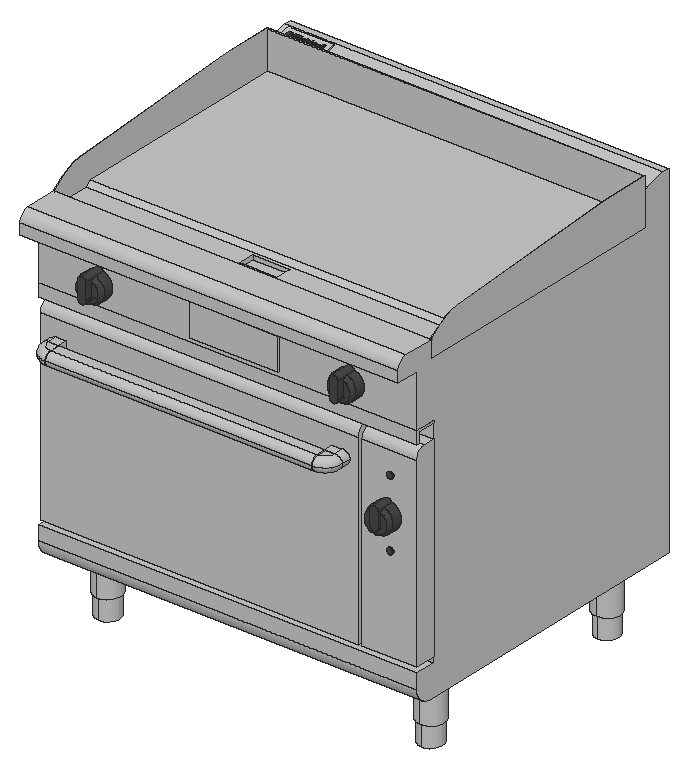
Revit family "QF_MOFFAT WALDORF_GPL8910EC", category Specialty Equipment, Revit 2012
Parameters
  Weight in Pounds = 337.3069  # constant formula
  Width [instance] = 900.00 mm  # constant formula
  Watts = 18600 W
  Volts = 415 V
  URL Cutsheet = "www.moffat.com"
  URL = "www.moffat.com"
  Type Mark [instance] = ""
  Status [instance] = ""
  Specification by User [instance] = ""
  Specification by Manufacturer = ""
  Show Logo [instance] = yes
  Show Clearance [instance] = yes
  Show Casters [instance] = no
  Serial Number = ""
  Seismic Rating = ""
  SMACNA No = ""
  Revision Code [instance] = ""
  Phase = 3
  Omniclass Number and Title = ""
  Number of Poles = 1
  NAFEM Spec ID Number = ""
  Model = "GPL8910EC"
  Min Ckt Ampacity = 0 A
  Max Overcurrent Protection = 0 A
  Masterspec = ""
  Manufacturer = "MOFFAT WALDORF"
  Legs [instance] = not(Show Casters)  # yes
  Item Number [instance] = ""
  Installed By [instance] = ""
  Identify Quantity as Lot [instance] = yes
  Height = 970.00 mm  # constant formula
  HP = ""
  Furnished By [instance] = ""
  Foodservice Equipment Identifier [instance] = yes
  FL Amps = 26.3 A
  Elec Conn RI Height = 0.00 mm
  Elec Conn Connection Height = 0.00 mm
  Description = "GRIDDLE PLATE RANGE LOW SPLASHBACK ELECTRIC CONVECTION OVEN"
  Depth [instance] = 805.00 mm  # constant formula
  Cycle = 50 Hz
  Conn Plug = ""
  Conn Conduit = yes
  CSI MasterFormat = ""
  CSI Master Format = ""
  Body Finish [instance] = QF_Finishes_Stainless Steel
  Back Splash [instance] = 215.00 mm  # constant formula
  Apparent Power = if(Phase = 3, Volts * FL Amps * 1.73, Volts * FL Amps)  # 18882.1 VA
Reference planes
  plane 1 "BACK": y = 0
  plane 2: z = 0
  plane 3 "LEFT": x = 0
  plane 4 "RIGHT": x = 900
  plane 5 "FRONT": y = -805
  plane 6 "TOP": z = 970
  plane 7 "Center Y": x = 450
  plane 8 "Center X": y = -402.5
  plane 9 "Base Height": z = 150
  plane 10: z = 915
  plane 11: x = 65
  plane 12: x = 834
  plane 13: y = -625
  plane 14: x = 770
  plane 15: y = -100
  plane 16: x = 820
  plane 17: y = -467
Forms (mm)
  Extrusion 1, solid, material "QF_Finishes_Stainless Steel" <- "Body Finish"
    sketch origin (0, 0, 0) x (0, 1, 0) y (0, 0, 1)
      loop
        line (-805, 891) -> (-805, 866) -> (-749, 866) -> (-749, 740) -> (-699, 740) -> (-699, 222.5) -> (-749, 222.5) -> (-749, 188)
        arc (-749, 188) -> (-737.87, 161.13) -> (-711, 150) r 38
        line (-711, 150) -> (0, 150) -> (0, 970) -> (-16.5, 970) -> (-61.106, 958.048)
        arc (-61.106, 958.048) -> (-67.52, 953.762) -> (-70, 946.457) r 12
        line (-70, 946.457) -> (-70, 875) -> (-705, 875) -> (-705, 915) -> (-781, 915)
        arc (-781, 915) -> (-797.971, 907.971) -> (-805, 891) r 24
      loop
        line (-749, 739) -> (-749, 709) -> (-744, 709) -> (-744, 734) -> (-700, 734) -> (-700, 739) -> (-749, 739)
    from 0 to 900
  Revolve 2, solid, material "QF_Finishes_Stainless Steel", visible <- "Legs"
    sketch origin (834, -210, 0) x (0, 1, 0) y (0, 0, -1)
      loop
        line (78.25, -150) -> (110, -150) -> (110, 0) -> (82.5, 0) -> (82.5, -50) -> (78.25, -50) -> (78.25, -150)
      axis (110, -150) -> (110, 0)
    angle from 0 to 360
  Revolve 3, solid, material "QF_Finishes_Stainless Steel"
    sketch origin (834, -735, 0) x (0, 1, 0) y (0, 0, -1)
      loop
        line (78.25, -150) -> (110, -150) -> (110, 0) -> (82.5, 0) -> (82.5, -50) -> (78.25, -50) -> (78.25, -150)
      axis (110, -150) -> (110, 0)
    angle from 0 to 360
  Revolve 4, solid, material "QF_Finishes_Stainless Steel", visible <- "Legs"
    sketch origin (65, -210, 0) x (0, 1, 0) y (0, 0, -1)
      loop
        line (78.25, -150) -> (110, -150) -> (110, 0) -> (82.5, 0) -> (82.5, -50) -> (78.25, -50) -> (78.25, -150)
      axis (110, -150) -> (110, 0)
    angle from 0 to 360
  Revolve 5, solid, material "QF_Finishes_Stainless Steel"
    sketch origin (65, -735, 0) x (0, 1, 0) y (0, 0, -1)
      loop
        line (78.25, -150) -> (110, -150) -> (110, 0) -> (82.5, 0) -> (82.5, -50) -> (78.25, -50) -> (78.25, -150)
      axis (110, -150) -> (110, 0)
    angle from 0 to 360
  Revolve 6, solid, material "QF_Finishes_Black"
    sketch origin (149.998, 0, 596.572) x (0, 1, 0) y (0, 0, -1)
      loop
        line (-782, -229.5) -> (-759, -229.5) -> (-759, -202) -> (-749, -202) -> (-749, -197) -> (-793, -197) -> (-793, -223.651) -> (-782, -229.5)
      axis (-793, -197) -> (-749, -197)
    angle from 0 to 360
  Extrusion 7, solid, material "QF_Finishes_Black"
    sketch origin (0, -749, 866) x (0, 0, -1) y (1, 0, 0)
      loop
        arc (84.301, 139.999) -> (94.301, 149.999) -> (84.301, 159.999) r 10
        line (84.301, 159.999) -> (45.301, 159.999)
        arc (45.301, 159.999) -> (35.301, 149.999) -> (45.301, 139.999) r 10
        line (45.301, 139.999) -> (84.301, 139.999)
    from 10 to 59
  Extrusion 8, solid, material "QF_Finishes_Stainless Steel"
    sketch origin (-278.213, -749, 861) x (0, 0, -1) y (1, 0, 0)
      loop
        line (24, 640) -> (111, 640) -> (111, 850) -> (24, 850) -> (24, 640)
    from 0 to 2.5
  Extrusion 9, solid, material "QF_Finishes_Stainless Steel"
    sketch origin (-278.213, -751.5, 861) x (0, 0, -1) y (1, 0, 0)
      loop
        line (31, 850) -> (24, 850) -> (24, 640) -> (31, 640) -> (31, 850)
    from 0 to 5
  Revolve 10, solid, material "QF_Finishes_Black"
    sketch origin (748.75, 0, 596.263) x (0, 1, 0) y (0, 0, 1)
      loop
        line (-782, 229.5) -> (-793, 223.651) -> (-793, 197) -> (-749, 197) -> (-749, 202) -> (-759, 202) -> (-759, 229.5) -> (-782, 229.5)
      axis (-793, 197) -> (-749, 197)
    angle from 0 to 360
  Extrusion 11, solid, material "QF_Finishes_Black"
    sketch origin (0, -749, 866) x (0, 0, -1) y (1, 0, 0)
      loop
        line (84.611, 758.749) -> (45.611, 758.749)
        arc (45.611, 758.749) -> (35.611, 748.749) -> (45.611, 738.749) r 10
        line (45.611, 738.749) -> (84.611, 738.749)
        arc (84.611, 738.749) -> (94.611, 748.749) -> (84.611, 758.749) r 10
    from 10 to 59
  Extrusion 12, solid, material "QF_Finishes_Black"
    sketch origin (16.25, -749, 866) x (0, 0, -1) y (1, 0, 0)
      loop
        circle (404.5, 821.25) r 7.25
      loop
        circle (242.9, 821.25) r 7.25
    from 0 to 2
  Extrusion 13, solid, material "QF_Finishes_Stainless Steel"
    sketch origin (0, 0, 0) x (0, 1, 0) y (0, 0, 1)
      loop
        arc (-725, 700) -> (-741.971, 692.971) -> (-749, 676) r 24
        line (-749, 676) -> (-749, 235) -> (-699, 235) -> (-699, 700) -> (-725, 700)
    from 4 to 761
  Extrusion 14, solid, material "QF_Finishes_Stainless Steel"
    sketch origin (0, -749, 235) x (0, 0, 1) y (-1, 0, 0)
      loop
        line (371.25, -65) -> (403.25, -65) -> (403.25, -41)
        arc (403.25, -41) -> (398.564, -29.686) -> (387.25, -25) r 16
        arc (387.25, -25) -> (375.936, -29.686) -> (371.25, -41) r 16
        line (371.25, -41) -> (371.25, -65)
      loop
        line (371.25, -700) -> (371.25, -724)
        arc (371.25, -724) -> (375.936, -735.314) -> (387.25, -740) r 16
        arc (387.25, -740) -> (398.564, -735.314) -> (403.25, -724) r 16
        line (403.25, -724) -> (403.25, -700) -> (371.25, -700)
    from 0 to 22.806
  Revolve 15, solid, material "QF_Finishes_Stainless Steel"
    sketch origin (0, -771.806, 235) x (0, 0, 1) y (1, 0, 0)
      loop
        line (403.25, 65) -> (371.25, 65) -> (371.25, 41)
        arc (371.25, 41) -> (375.936, 29.686) -> (387.25, 25) r 16
        arc (387.25, 25) -> (398.564, 29.686) -> (403.25, 41) r 16
        line (403.25, 41) -> (403.25, 65)
      axis (403.25, 65.031) -> (371.25, 65.031)
    angle from 90 to 0
  Extrusion 16, solid, material "QF_Finishes_Stainless Steel"
    sketch origin (65.031, -771.806, 638.25) x (0, 0, 1) y (0, -1, 0)
      loop
        arc (0, 24.031) -> (-4.686, 35.345) -> (-16, 40.031) r 16
        arc (-16, 40.031) -> (-27.314, 35.345) -> (-32, 24.031) r 16
        line (-32, 24.031) -> (-32, 0.031) -> (0, 0.031) -> (0, 24.031)
    from 0 to 634.951
  Revolve 17, solid, material "QF_Finishes_Stainless Steel"
    sketch origin (765.013, -771.806, 235) x (0, 0, 1) y (1, 0, 0)
      loop
        line (403.25, -65) -> (403.25, -41)
        arc (403.25, -41) -> (398.564, -29.686) -> (387.25, -25) r 16
        arc (387.25, -25) -> (375.936, -29.686) -> (371.25, -41) r 16
        line (371.25, -41) -> (371.25, -65) -> (403.25, -65)
      axis (403.25, -65.031) -> (371.25, -65.031)
    angle from 90 to 0
  Extrusion 18, solid, material "QF_Finishes_Black"
    sketch origin (900, -749, 345.838) x (0, 0, -1) y (1, 0, 0)
      loop
        line (-188.5, -52.5) -> (-223.5, -52.5)
        arc (-223.5, -52.5) -> (-233.5, -62.5) -> (-223.5, -72.5) r 10
        line (-223.5, -72.5) -> (-188.5, -72.5)
        arc (-188.5, -72.5) -> (-178.5, -62.5) -> (-188.5, -52.5) r 10
    from 9.93 to 49
  Revolve 19, solid, material "QF_Finishes_Black"
    sketch origin (837.432, -1519.726, 545.603) x (0, 0, 1) y (0, -1, 0)
      loop
        line (29.197, -737.726) -> (23.348, -726.726) -> (-3.303, -726.726) -> (-3.303, -770.726) -> (1.697, -770.726) -> (1.697, -760.726) -> (29.197, -760.726) -> (29.197, -737.726)
      axis (-3.303, -726.726) -> (-3.303, -770.726)
    angle from 0 to 360
  Extrusion 20, solid, material "QF_Door-Drawer Clearances", visible <- "Show Clearance", detail levels coarse
    sketch origin (0, -0.028, -0.007) x (0, 1, 0) y (0, 0, 1)
      loop
        line (-749, 235) -> (-749, 697.66)
        arc (-749, 697.66) -> (-1076.15, 562.15) -> (-1211.66, 235) r 462.66
        line (-1211.66, 235) -> (-749, 235)
    from 4 to 761
  Extrusion 21, solid, material "QF_Finishes_Stainless Steel"
    sketch origin (255.887, -887.361, 150) x (1, 0, 0) y (0, -1, 0)
      loop
        circle (564.113, -420.424) r 10
    from 0 to 2
  Extrusion 22, solid, material "QF_Finishes_Stainless Steel"
    sketch origin (900, 0, 0) x (0, -1, 0) y (0, 0, 1)
      loop
        line (725, 700) -> (699, 700) -> (699, 235) -> (749, 235) -> (749, 676)
        arc (749, 676) -> (741.971, 692.971) -> (725, 700) r 24
    from 0 to 130
Cuts and joins
  joined: Extrusion 8, Extrusion 9
Lines and regions (mm)
  Split face 1
    outline origin (0, -16.5, 970) x (0, -0.965926, -0.258819) y (1, 0, 0)
      loop
        line (4.804, 163.962) -> (36.187, 163.962) -> (36.187, 181.741) -> (4.804, 181.741) -> (4.804, 163.962)
  Split face 2
    outline origin (0, -16.5, 970) x (0, -0.965926, -0.258819) y (1, 0, 0)
      loop
        line (4.831, 217.712) -> (36.187, 217.712) -> (36.187, 235.491) -> (4.831, 235.491) -> (4.831, 217.712)
  Split face 3
    outline origin (0, -16.5, 970) x (0, -0.965926, -0.258819) y (1, 0, 0)
      loop
        line (4.831, 271.462) -> (36.187, 271.462) -> (36.187, 289.241) -> (4.831, 289.241) -> (4.831, 271.462)
  Split face 4
    outline origin (58.8, -16.5, 970) x (0, -0.965926, -0.258819) y (1, 0, 0)
      loop
        line (4.831, 271.462) -> (36.187, 271.462) -> (36.187, 289.241) -> (4.831, 289.241) -> (4.831, 271.462)
  Split face 5
    outline origin (112.509, -16.5, 970) x (0, -0.965926, -0.258819) y (1, 0, 0)
      loop
        line (4.831, 271.462) -> (36.187, 271.462) -> (36.187, 289.241) -> (4.831, 289.241) -> (4.831, 271.462)
  Split face 6
    outline origin (166.29, -16.5, 970) x (0, -0.965926, -0.258819) y (1, 0, 0)
      loop
        line (4.831, 271.462) -> (36.187, 271.462) -> (36.187, 289.241) -> (4.831, 289.241) -> (4.831, 271.462)
  Split face 7
    outline origin (219.987, -16.5, 970) x (0, -0.965926, -0.258819) y (1, 0, 0)
      loop
        line (4.831, 271.462) -> (36.187, 271.462) -> (36.187, 289.241) -> (4.831, 289.241) -> (4.831, 271.462)
  Split face 8
    outline origin (274.987, -16.5, 970) x (0, -0.965926, -0.258819) y (1, 0, 0)
      loop
        line (4.831, 271.462) -> (36.187, 271.462) -> (36.187, 289.241) -> (4.831, 289.241) -> (4.831, 271.462)
  Split face 9
    outline origin (329.987, -16.5, 970) x (0, -0.965926, -0.258819) y (1, 0, 0)
      loop
        line (4.831, 271.462) -> (36.187, 271.462) -> (36.187, 289.241) -> (4.831, 289.241) -> (4.831, 271.462)
  Split face 10
    outline origin (384.987, -16.5, 970) x (0, -0.965926, -0.258819) y (1, 0, 0)
      loop
        line (4.831, 271.462) -> (36.187, 271.462) -> (36.187, 289.241) -> (4.831, 289.241) -> (4.831, 271.462)
  symbolic lines
    curve 1: line (0, 0, 0) -> (0, -805, 0)
    curve 2: line (900, 0, 0) -> (0, 0, 0)
    curve 3: line (900, -805, 0) -> (900, 0, 0)
    curve 4: line (0, -70, 0) -> (900, -70, 0)
    curve 5: line (0, -805, 0) -> (900, -805, 0)
    curve 6: line (12.5, -20.958, 0) -> (121.5, -20.958, 0)
    curve 7: line (12.5, -54.074, 0) -> (12.5, -20.958, 0)
    curve 8: line (121.5, -20.958, 0) -> (121.5, -54.074, 0)
    curve 9: line (12.5, -54.074, 0) -> (121.5, -54.074, 0)
    curve 10: line (181.741, -21.168, 0) -> (181.741, -51.453, 0)
    curve 11: line (181.741, -51.453, 0) -> (163.962, -51.453, 0)
    curve 12: line (163.962, -51.453, 0) -> (163.962, -21.168, 0)
    curve 13: line (163.962, -21.168, 0) -> (181.741, -21.168, 0)
    curve 14: line (217.712, -51.453, 0) -> (217.712, -21.168, 0)
    curve 15: line (217.712, -21.168, 0) -> (235.491, -21.168, 0)
    curve 16: line (235.491, -21.168, 0) -> (235.491, -51.453, 0)
    curve 17: line (235.491, -51.453, 0) -> (217.712, -51.453, 0)
    curve 18: line (271.462, -51.453, 0) -> (271.462, -21.168, 0)
    curve 19: line (271.462, -21.168, 0) -> (289.241, -21.168, 0)
    curve 20: line (289.241, -21.168, 0) -> (289.241, -51.453, 0)
    curve 21: line (289.241, -51.453, 0) -> (271.462, -51.453, 0)
    curve 22: line (330.212, -51.453, 0) -> (330.212, -21.168, 0)
    curve 23: line (330.212, -21.168, 0) -> (347.991, -21.168, 0)
    curve 24: line (347.991, -21.168, 0) -> (347.991, -51.453, 0)
    curve 25: line (347.991, -51.453, 0) -> (330.212, -51.453, 0)
    curve 26: line (383.962, -51.453, 0) -> (401.741, -51.453, 0)
    curve 27: line (401.741, -51.453, 0) -> (401.741, -21.168, 0)
    curve 28: line (401.741, -21.168, 0) -> (383.962, -21.168, 0)
    curve 29: line (383.962, -21.168, 0) -> (383.962, -51.453, 0)
    curve 30: line (437.712, -51.453, 0) -> (455.491, -51.453, 0)
    curve 31: line (455.491, -51.453, 0) -> (455.491, -21.168, 0)
    curve 32: line (455.491, -21.168, 0) -> (437.712, -21.168, 0)
    curve 33: line (437.712, -21.168, 0) -> (437.712, -51.453, 0)
    curve 34: line (491.462, -51.453, 0) -> (509.241, -51.453, 0)
    curve 35: line (509.241, -51.453, 0) -> (509.241, -21.168, 0)
    curve 36: line (509.241, -21.168, 0) -> (491.462, -21.168, 0)
    curve 37: line (491.462, -21.168, 0) -> (491.462, -51.453, 0)
    curve 38: line (546.462, -51.453, 0) -> (564.241, -51.453, 0)
    curve 39: line (564.241, -51.453, 0) -> (564.241, -21.168, 0)
    curve 40: line (564.241, -21.168, 0) -> (546.462, -21.168, 0)
    curve 41: line (546.462, -21.168, 0) -> (546.462, -51.453, 0)
    curve 42: line (601.462, -51.453, 0) -> (619.241, -51.453, 0)
    curve 43: line (619.241, -51.453, 0) -> (619.241, -21.168, 0)
    curve 44: line (619.241, -21.168, 0) -> (601.462, -21.168, 0)
    curve 45: line (601.462, -21.168, 0) -> (601.462, -51.453, 0)
    curve 46: line (656.462, -51.453, 0) -> (674.241, -51.453, 0)
    curve 47: line (674.241, -51.453, 0) -> (674.241, -21.168, 0)
    curve 48: line (674.241, -21.168, 0) -> (656.462, -21.168, 0)
    curve 49: line (656.462, -21.168, 0) -> (656.462, -51.453, 0)
  symbolic lines, style "QF_Door-Drawer Clearances", visible <- "Show Clearance"
    curve 50: line (4, -805, 150) -> (4, -1211.66, 150)
    curve 51: line (4, -1211.66, 150) -> (761, -1211.66, 150)
    curve 52: line (761, -1211.66, 150) -> (761, -805, 150)
Dimensions and locks
  equal spacing: plane 3 "LEFT", plane 7 "Center Y", plane 4 "RIGHT"
  "Width": plane 3 "LEFT" to plane 4 "RIGHT"
  equal spacing: plane 5 "FRONT", plane 8 "Center X", plane 1 "BACK"
  "Depth": plane 5 "FRONT" to plane 1 "BACK"
  locked: plane 10 to level at 915
  locked: plane 9 "Base Height" to level at 150
  "Height": plane 6 "TOP" to level
  plane 14 to plane 4 "RIGHT" = 130.00 mm
  plane 13 to plane 15 = 525.00 mm
  plane 16 to plane 4 "RIGHT" = 80.00 mm
  plane 17 to plane 1 "BACK" = 467.00 mm
  aligned and locked: level to plane 2
  aligned and locked: nested 4 to Extrusion 1
Automatic sketch dimensions
  plane 1 "BACK" to curve 1 = 0.00 mm
  curve 1 to plane 3 "LEFT" = 0.00 mm
  curve 2 to plane 4 "RIGHT" = 0.00 mm
  plane 5 "FRONT" to curve 5 = 0.00 mm
  plane 3 "LEFT" to curve 6 = 12.50 mm
  plane 11 to curve 9 = 56.50 mm
  plane 1 "BACK" to curve 12 = 21.168 mm
  curve 6 to curve 12 = 42.462 mm
  curve 12 to curve 13 = 17.779 mm
  curve 10 to curve 14 = 35.971 mm
  curve 14 to curve 15 = 17.779 mm
  curve 15 to curve 19 = 35.971 mm
  curve 18 to curve 20 = 17.779 mm
  curve 20 to curve 22 = 40.971 mm
  curve 22 to curve 24 = 17.779 mm
  curve 23 to curve 29 = 35.971 mm
  curve 28 to curve 27 = 17.779 mm
  curve 33 to plane 7 "Center Y" = 12.288 mm
  plane 7 "Center Y" to curve 31 = 5.491 mm
  curve 31 to curve 36 = 35.971 mm
  curve 36 to curve 36 = 17.779 mm
  curve 35 to curve 40 = 37.221 mm
  curve 40 to curve 40 = 17.779 mm
  curve 38 to curve 45 = 37.221 mm
  curve 44 to curve 43 = 17.779 mm
  curve 43 to curve 48 = 37.221 mm
  curve 48 to curve 48 = 17.779 mm
  plane 15 to curve 4 = 30.00 mm
  curve 4 to curve 7 = 15.926 mm
  plane 15 to curve 43 = 48.547 mm
  curve 42 to curve 46 = 0.00 mm
  plane 15 to curve 25 = 48.547 mm
  plane 15 to curve 41 = 48.547 mm
  curve 10 to curve 10 = 30.285 mm
  curve 10 to curve 14 = 0.00 mm
  plane 15 to curve 37 = 48.547 mm
  curve 16 to curve 18 = 0.00 mm
  plane 15 to curve 33 = 48.547 mm
  curve 24 to curve 29 = 0.00 mm
  plane 1 "BACK" to curve 24 = 21.168 mm
  plane 1 "BACK" to curve 27 = 21.168 mm
  plane 1 "BACK" to curve 20 = 21.168 mm
  plane 1 "BACK" to curve 31 = 21.168 mm
  plane 1 "BACK" to curve 16 = 21.168 mm
  plane 1 "BACK" to curve 35 = 21.168 mm
  plane 1 "BACK" to curve 39 = 21.168 mm
  plane 1 "BACK" to curve 49 = 21.168 mm
  plane 1 "BACK" to curve 43 = 21.168 mm
  plane 1 "BACK" to curve 7 = 20.958 mm
  Extrusion 1 sketch curve to plane 5 "FRONT" = 0.00 mm
  Extrusion 1 sketch curve to plane 10 = 0.00 mm
  Extrusion 1 sketch curve to plane 9 "Base Height" = 0.00 mm
  Extrusion 1 sketch curve to plane 6 "TOP" = 0.00 mm
  Extrusion 1 sketch curve to plane 1 "BACK" = 0.00 mm
  Extrusion 1 sketch curve to plane 5 "FRONT" = 24.00 mm
  Extrusion 1 sketch curve to Extrusion 1 sketch curve = 32.00 mm
  Extrusion 1 sketch curve to plane 5 "FRONT" = 56.00 mm
  Extrusion 1 sketch curve to Extrusion 1 sketch curve = 0.00 mm
  Extrusion 1 sketch curve to Extrusion 1 sketch curve = 5.00 mm  (x2)
  Extrusion 1 sketch curve to Extrusion 1 sketch curve = 38.00 mm
  Extrusion 1 sketch curve to Extrusion 1 sketch curve = 44.00 mm  (x2)
  Extrusion 1 sketch curve to Extrusion 1 sketch curve = 1.00 mm  (x2)
  plane 15 to Extrusion 1 sketch curve = 30.00 mm
  Extrusion 1 sketch curve to Extrusion 1 sketch curve = 8.894 mm
  Extrusion 1 sketch curve to Extrusion 1 sketch curve = 3.106 mm
  plane 1 "BACK" to Extrusion 1 sketch curve = 16.50 mm
  Extrusion 1 sketch curve to Extrusion 1 sketch curve = 34.50 mm
  Extrusion 1 sketch curve to Extrusion 1 sketch curve = 182.00 mm
  Extrusion 1 sketch curve to Extrusion 1 sketch curve = 25.00 mm  (x2)
  Extrusion 1 sketch curve to plane 10 = 40.00 mm
  Extrusion 1 sketch curve to plane 6 "TOP" = 23.543 mm
  Revolve 2 sketch curve to plane 9 "Base Height" = 0.00 mm
  Revolve 2 sketch curve to level = 0.00 mm
  Revolve 2 sketch curve to plane 15 = 0.00 mm  (x2)
  Revolve 2 sketch curve to plane 15 = 27.50 mm
  Revolve 2 sketch curve to Revolve 2 sketch curve = 31.75 mm
  level to Revolve 2 sketch curve = 50.00 mm
  Revolve 2 sketch curve to Revolve 2 sketch curve = 0.00 mm
  Revolve 2 sketch curve to Revolve 2 sketch curve = 55.00 mm
  Revolve 3 sketch curve to plane 9 "Base Height" = 0.00 mm
  Revolve 3 sketch curve to level = 0.00 mm
  Revolve 3 sketch curve to plane 13 = 0.00 mm  (x2)
  Revolve 3 sketch curve to plane 13 = 27.50 mm
  Revolve 3 sketch curve to plane 13 = 31.75 mm
  level to Revolve 3 sketch curve = 50.00 mm
  Revolve 3 sketch curve to Revolve 3 sketch curve = 0.00 mm
  Revolve 3 sketch curve to Revolve 3 sketch curve = 55.00 mm
  Revolve 4 sketch curve to plane 9 "Base Height" = 0.00 mm
  Revolve 4 sketch curve to level = 0.00 mm
  Revolve 4 sketch curve to plane 15 = 0.00 mm  (x2)
  Revolve 4 sketch curve to plane 15 = 27.50 mm
  Revolve 4 sketch curve to Revolve 4 sketch curve = 31.75 mm
  level to Revolve 4 sketch curve = 50.00 mm
  Revolve 4 sketch curve to Revolve 4 sketch curve = 0.00 mm
  Revolve 4 sketch curve to Revolve 4 sketch curve = 55.00 mm
  Revolve 5 sketch curve to plane 9 "Base Height" = 0.00 mm
  Revolve 5 sketch curve to level = 0.00 mm
  Revolve 5 sketch curve to plane 13 = 0.00 mm  (x2)
  Revolve 5 sketch curve to plane 13 = 27.50 mm
  Revolve 5 sketch curve to plane 13 = 31.75 mm
  level to Revolve 5 sketch curve = 50.00 mm
  Revolve 5 sketch curve to Revolve 5 sketch curve = 0.00 mm
  Revolve 5 sketch curve to Revolve 5 sketch curve = 55.00 mm
  Revolve 6 sketch curve to plane 5 "FRONT" = 12.00 mm
  Revolve 6 sketch curve to Revolve 6 sketch curve = 0.00 mm  (x2)
  Revolve 6 sketch curve to Revolve 6 sketch curve = 11.00 mm
  Revolve 6 sketch curve to Revolve 6 sketch curve = 12.70 mm
  Revolve 6 sketch curve to Revolve 6 sketch curve = 23.00 mm
  Revolve 6 sketch curve to Revolve 6 sketch curve = 10.00 mm
  Revolve 6 sketch curve to plane 10 = 88.928 mm
  Revolve 6 sketch curve to Revolve 6 sketch curve = 5.849 mm
  Revolve 6 sketch curve to Revolve 6 sketch curve = 27.50 mm
  Revolve 6 sketch curve to Revolve 6 sketch curve = 5.00 mm
  Extrusion 1 to Extrusion 7 sketch curve = 45.301 mm
  Extrusion 7 sketch curve to Extrusion 7 sketch curve = 39.00 mm
  Extrusion 1 to Extrusion 7 sketch curve = 139.999 mm
  Extrusion 7 sketch curve to Extrusion 7 sketch curve = 10.00 mm
  Extrusion 1 to Extrusion 8 sketch curve = 29.00 mm
  Extrusion 8 sketch curve to Extrusion 1 = 10.00 mm
  Extrusion 1 to Extrusion 8 sketch curve = 361.787 mm
  Extrusion 8 sketch curve to Extrusion 8 sketch curve = 210.00 mm
  Extrusion 9 sketch curve to Extrusion 8 = 0.00 mm  (x2)
  Extrusion 8 to Extrusion 9 sketch curve = 0.00 mm
  Extrusion 9 sketch curve to Extrusion 8 = 7.00 mm
  Revolve 10 sketch curve to plane 5 "FRONT" = 12.00 mm
  Revolve 10 sketch curve to Revolve 10 sketch curve = 0.00 mm  (x2)
  Revolve 10 sketch curve to Revolve 10 sketch curve = 11.00 mm
  Revolve 10 sketch curve to Revolve 10 sketch curve = 12.70 mm
  Revolve 10 sketch curve to Revolve 10 sketch curve = 23.00 mm
  Revolve 10 sketch curve to Revolve 10 sketch curve = 10.00 mm
  Revolve 10 sketch curve to plane 10 = 121.737 mm
  Revolve 10 sketch curve to Revolve 10 sketch curve = 5.00 mm
  Revolve 10 sketch curve to Revolve 10 sketch curve = 26.651 mm
  Revolve 10 sketch curve to Revolve 10 sketch curve = 5.849 mm
  Extrusion 1 to Extrusion 11 sketch curve = 45.611 mm
  Extrusion 11 sketch curve to Extrusion 11 sketch curve = 39.00 mm
  Extrusion 1 to Extrusion 11 sketch curve = 161.251 mm
  Extrusion 11 sketch curve to Extrusion 11 sketch curve = 10.00 mm
  plane 5 "FRONT" to curve 52 = 0.00 mm
  plane 5 "FRONT" to curve 50 = 0.00 mm
  curve 52 to plane 14 = 9.00 mm
  plane 3 "LEFT" to curve 51 = 4.00 mm
  plane 5 "FRONT" to curve 51 = 406.66 mm
  Extrusion 1 to Extrusion 12 sketch curve = 116.90 mm
  Extrusion 1 to Extrusion 12 sketch curve = 62.50 mm  (x2)
  Extrusion 12 sketch curve to Extrusion 12 sketch curve = 161.60 mm
  Extrusion 13 sketch curve to plane 5 "FRONT" = 56.00 mm
  Extrusion 13 sketch curve to Extrusion 13 sketch curve = 24.00 mm
  Extrusion 13 sketch curve to Extrusion 13 sketch curve = 26.00 mm
  plane 9 "Base Height" to Extrusion 13 sketch curve = 85.00 mm
  Extrusion 13 sketch curve to plane 10 = 239.00 mm
  Extrusion 14 sketch curve to Extrusion 14 sketch curve = 0.00 mm  (x4)
  Extrusion 13 to Extrusion 14 sketch curve = 69.75 mm  (x2)
  Extrusion 14 sketch curve to Extrusion 14 sketch curve = 16.00 mm  (x2)
  Extrusion 13 to Extrusion 14 sketch curve = 21.00 mm
  Extrusion 14 sketch curve to Extrusion 14 sketch curve = 24.00 mm  (x2)
  Extrusion 13 to Extrusion 14 sketch curve = 61.00 mm
  Revolve 15 sketch curve to Revolve 15 sketch curve = 0.00 mm
  Revolve 15 sketch curve to Extrusion 14 = 0.00 mm
  Extrusion 14 to Revolve 15 sketch curve = 0.00 mm
  Revolve 15 sketch curve to Extrusion 14 = 0.031 mm
  Revolve 15 sketch curve to Extrusion 14 = 8.00 mm
  Extrusion 16 sketch curve to Extrusion 16 sketch curve = 0.00 mm
  Extrusion 16 sketch curve to Revolve 15 = 0.00 mm
  Revolve 17 sketch curve to Revolve 17 sketch curve = 0.00 mm  (x2)
  Revolve 17 sketch curve to Extrusion 14 = 0.00 mm  (x3)
  Revolve 17 sketch curve to Extrusion 14 = 0.018 mm
  Revolve 17 sketch curve to Extrusion 14 = 8.00 mm
  Extrusion 14 to Revolve 17 sketch curve = 0.013 mm
  Revolve 17 sketch curve to Revolve 17 sketch curve = 24.00 mm
  Extrusion 22 to Extrusion 18 sketch curve = 52.50 mm
  Extrusion 22 to Extrusion 18 sketch curve = 106.662 mm
  Extrusion 18 sketch curve to Extrusion 18 sketch curve = 35.00 mm
  Extrusion 18 sketch curve to Extrusion 18 sketch curve = 10.00 mm
  Revolve 19 sketch curve to plane 5 "FRONT" = 12.001 mm  (x2)
  Revolve 19 sketch curve to plane 10 = 372.70 mm
  Revolve 19 sketch curve to Revolve 19 sketch curve = 0.00 mm
  Revolve 19 sketch curve to Revolve 19 sketch curve = 5.00 mm
  Revolve 19 sketch curve to Revolve 19 sketch curve = 26.651 mm
  Revolve 19 sketch curve to plane 5 "FRONT" = 23.001 mm
  Revolve 19 sketch curve to Revolve 19 sketch curve = 5.849 mm
  Revolve 19 sketch curve to Revolve 19 sketch curve = 12.70 mm
  Revolve 19 sketch curve to Revolve 19 sketch curve = 21.30 mm
  Revolve 19 sketch curve to Revolve 19 sketch curve = 10.00 mm
  plane 9 "Base Height" to Extrusion 20 sketch curve = 84.993 mm
  plane 5 "FRONT" to Extrusion 20 sketch curve = 406.687 mm
  Extrusion 20 sketch curve to plane 5 "FRONT" = 55.972 mm
  Extrusion 21 sketch curve to Extrusion 1 = 80.00 mm
  Extrusion 1 to Extrusion 21 sketch curve = 244.063 mm
  Extrusion 22 sketch curve to plane 13 = 74.00 mm
  Extrusion 22 sketch curve to Extrusion 22 sketch curve = 26.00 mm
  Extrusion 22 sketch curve to Extrusion 22 sketch curve = 24.00 mm
  plane 9 "Base Height" to Extrusion 22 sketch curve = 85.00 mm
  Extrusion 22 sketch curve to plane 10 = 239.00 mm
  Extrusion 1 to Split face 1 sketch curve = 4.804 mm
  Split face 1 sketch curve to Extrusion 1 = 9.992 mm
  Split face 1 sketch curve to Extrusion 1 = 163.962 mm
  Split face 1 sketch curve to Split face 1 sketch curve = 17.779 mm
  Extrusion 1 to Split face 2 sketch curve = 4.831 mm
  Split face 2 sketch curve to Extrusion 1 = 9.992 mm
  Split face 2 sketch curve to Extrusion 1 = 217.712 mm
  Split face 2 sketch curve to Split face 2 sketch curve = 17.779 mm
  Extrusion 1 to Split face 3 sketch curve = 4.831 mm
  Split face 3 sketch curve to Extrusion 1 = 9.992 mm
  Split face 3 sketch curve to Extrusion 1 = 271.462 mm
  Split face 3 sketch curve to Split face 3 sketch curve = 17.779 mm
  Extrusion 1 to Split face 4 sketch curve = 4.831 mm
  Split face 4 sketch curve to Extrusion 1 = 9.992 mm
  Split face 4 sketch curve to Extrusion 1 = 330.262 mm
  Split face 4 sketch curve to Split face 4 sketch curve = 17.779 mm
  Extrusion 1 to Split face 5 sketch curve = 4.831 mm
  Split face 5 sketch curve to Extrusion 1 = 9.992 mm
  Split face 5 sketch curve to Extrusion 1 = 383.971 mm
  Split face 5 sketch curve to Split face 5 sketch curve = 17.779 mm
  Extrusion 1 to Split face 6 sketch curve = 4.831 mm
  Split face 6 sketch curve to Extrusion 1 = 9.992 mm
  Split face 6 sketch curve to Extrusion 1 = 437.752 mm
  Split face 6 sketch curve to Split face 6 sketch curve = 17.779 mm
  Extrusion 1 to Split face 7 sketch curve = 4.831 mm
  Split face 7 sketch curve to Extrusion 1 = 9.992 mm
  Split face 7 sketch curve to Extrusion 1 = 408.551 mm
  Split face 7 sketch curve to Split face 7 sketch curve = 17.779 mm
  Extrusion 1 to Split face 8 sketch curve = 4.831 mm
  Split face 8 sketch curve to Extrusion 1 = 9.992 mm
  Split face 8 sketch curve to Extrusion 1 = 353.551 mm
  Split face 8 sketch curve to Split face 8 sketch curve = 17.779 mm
  Extrusion 1 to Split face 9 sketch curve = 4.831 mm
  Split face 9 sketch curve to Extrusion 1 = 9.992 mm
  Split face 9 sketch curve to Extrusion 1 = 298.551 mm
  Split face 9 sketch curve to Split face 9 sketch curve = 17.779 mm
  Extrusion 1 to Split face 10 sketch curve = 4.831 mm
  Split face 10 sketch curve to Extrusion 1 = 9.992 mm
  Split face 10 sketch curve to Extrusion 1 = 243.551 mm
  Split face 10 sketch curve to Split face 10 sketch curve = 17.779 mm
  radius of Extrusion 12 sketch curve = 7.25 mm  (x2)
  radius of Revolve 15 sketch curve to Extrusion 14 = 0.00 mm
  radius of Extrusion 16 sketch curve to Revolve 15 = 0.00 mm
  radius of Extrusion 21 sketch curve = 10.00 mm
Nested families
  nested 1: "GP8910GE-CASTERS" at (65, -100, 0), Show Casters <- "Show Casters", visible <- "Show Casters", type "GP8910GE-CASTERS"
    with Type Mark "", Status "", Specification by User "", Show Casters no, Revision Code "", Item Number "", Installed By "", Identify Quantity as Lot yes, Furnished By "", Foodservice Equipment Identifier yes
  nested 2: "GP8910GE-CASTERS" at (835, -100, 0), Show Casters <- "Show Casters", visible <- "Show Casters", type "GP8910GE-CASTERS"
    with Type Mark "", Status "", Specification by User "", Show Casters no, Revision Code "", Item Number "", Installed By "", Identify Quantity as Lot yes, Furnished By "", Foodservice Equipment Identifier yes
  nested 3: "WALDORF LOGO_FACE BASE" at (12.5, -21.578, 968.639) x (1, 0, 0) z (0, -0.2588, 0.9659), visible <- "Show Logo", type "WALDORF LOGO_FACE BASE", detail levels medium+fine
    with Show Logo yes
  nested 4: "GAS GRIDDLE PLATE" at (0, -70, 874.5), type "GAS GRIDDLE PLATE"
    with Type Mark "", Status "", Specification by User "", Show Clearance yes, Revision Code "", Item Number "", Installed By "", Identify Quantity as Lot yes, Furnished By "", Foodservice Equipment Identifier yes
Connectors
  electrical at (820, -466.937, 148), driven by "Volts", driven by "Watts"
    settings: on Extrusion 21, index 1, voltage 415 V, apparent load 18600 VA, apparent load phase1 0 VA, apparent load phase2 0 VA, apparent load phase3 0 VA, power factor 1, load classification "Other", number of poles 1, system type 30, power factor state 1, is connector primary yes, connector utility no, sub classification motor no, connector description "ELECTRICAL SUPPLY"
Definition of nested family "WALDORF LOGO_FACE BASE"
  Parameters (values of type "WALDORF LOGO_FACE BASE")
    Show Logo [instance] = yes
    Default Elevation = 1219.20 mm
  Reference planes
    plane 1 "Center (Front/Back)": y = 0
    plane 2: z = 0
    plane 3 "Center (Left/Right)": x = 0
  Forms (mm)
    Extrusion 1, solid
      sketch origin (0, 0, 0) x (1, 0, 0) y (0, 1, 0)
        loop
          line (-1219.2, 1219.2) -> (-1219.2, -1219.2) -> (1219.2, -1219.2) -> (1219.2, 1219.2) -> (-1219.2, 1219.2)
      from 0 to -304.8
    Extrusion 2, solid, material "QF_Finishes_Stainless Steel", visible <- "Show Logo"
      sketch origin (0, -33.217, 0) x (1, 0, 0) y (0, 1, 0)
        loop
          arc (5, 34.14) -> (1.464, 32.676) -> (0, 29.14) r 5
          line (0, 29.14) -> (0, 5)
          arc (0, 5) -> (1.464, 1.464) -> (5, 0) r 5
          line (5, 0) -> (104, 0)
          arc (104, 0) -> (107.536, 1.464) -> (109, 5) r 5
          line (109, 5) -> (109, 29.14)
          arc (109, 29.14) -> (107.536, 32.676) -> (104, 34.14) r 5
          line (104, 34.14) -> (5, 34.14)
      from 0 to 1.588
    Extrusion 3, solid, material "QF_Finishes_Black", visible <- "Show Logo"
      sketch origin (0, -33.217, 1.588) x (1, 0, 0) y (0, 1, 0)
        loop
          line (24.772, 23.214) -> (27.992, 10.301) -> (31.551, 10.301) -> (33.443, 17.364) -> (35.205, 10.301) -> (39.332, 10.301) -> (42.077, 23.214) -> (38.352, 23.214) -> (36.676, 15.33) -> (35, 23.214) -> (31.752, 23.214) -> (30.076, 15.33) -> (28.4, 23.214) -> (24.772, 23.214)
        loop
          line (42.272, 17.055) -> (45.703, 17.055)
          spline (45.703, 17.055) -> (45.741, 17.285) -> (45.852, 17.499) -> (46.028, 17.682) -> (46.258, 17.823) -> (46.526, 17.912) -> (46.813, 17.942) -> (47.1, 17.912) -> (47.368, 17.823) -> (47.597, 17.682) -> (47.774, 17.499) -> (47.884, 17.285) -> (47.922, 17.055)
          line (47.922, 17.055) -> (47.922, 16.222)
          arc (47.922, 16.222) -> (45.742, 16.014) -> (43.665, 15.317) r 9.604
          arc (43.665, 15.317) -> (41.924, 12.809) -> (43.665, 10.301) r 2.677
          arc (43.665, 10.301) -> (45.527, 10.353) -> (47.332, 10.816) r 8.365
          line (47.332, 10.816) -> (48.092, 11.105) -> (48.092, 10.301) -> (51.817, 10.301) -> (51.817, 17.055)
          spline (51.817, 17.055) -> (51.654, 17.821) -> (51.178, 18.535) -> (50.419, 19.148) -> (49.431, 19.619) -> (48.28, 19.914) -> (47.044, 20.015) -> (45.809, 19.914) -> (44.658, 19.619) -> (43.67, 19.148) -> (42.911, 18.535) -> (42.434, 17.821) -> (42.272, 17.055)
        loop
          line (53.151, 23.214) -> (53.151, 10.301) -> (57.37, 10.301) -> (57.37, 23.214) -> (53.151, 23.214)
        loop
          line (64.874, 23.214) -> (64.874, 18.857)
          arc (64.874, 18.857) -> (58.083, 15.11) -> (64.874, 11.363) r 4.429
          line (64.874, 11.363) -> (64.874, 10.301) -> (68.378, 10.301) -> (68.378, 23.214) -> (64.874, 23.214)
        loop
          arc (64.874, 16.083) -> (61.41, 14.987) -> (64.874, 13.891) r 1.905
          line (64.874, 13.891) -> (64.874, 16.083)
        loop
          circle (74.623, 15.223) r 5
        loop
          spline (74.623, 17.856) -> (74.355, 17.766) -> (74.105, 17.503) -> (73.891, 17.084) -> (73.726, 16.539) -> (73.623, 15.904) -> (73.588, 15.223) -> (73.623, 14.541) -> (73.726, 13.906) -> (73.891, 13.361) -> (74.105, 12.942) -> (74.355, 12.679) -> (74.623, 12.59)
          spline (74.623, 12.59) -> (74.891, 12.679) -> (75.141, 12.942) -> (75.355, 13.361) -> (75.52, 13.906) -> (75.623, 14.541) -> (75.659, 15.223) -> (75.623, 15.904) -> (75.52, 16.539) -> (75.355, 17.084) -> (75.141, 17.503) -> (74.891, 17.766) -> (74.623, 17.856)
        loop
          line (81.255, 19.813) -> (81.255, 10.301) -> (84.834, 10.301) -> (84.834, 14.176)
          arc (84.834, 14.176) -> (85.854, 16.093) -> (88.013, 16.32) r 2.313
          line (88.013, 16.32) -> (88.013, 19.813) -> (87.161, 19.813)
          arc (87.161, 19.813) -> (85.526, 19.266) -> (84.549, 17.844) r 2.717
          line (84.549, 17.844) -> (84.549, 19.813) -> (81.255, 19.813)
        loop
          line (90.249, 19.813) -> (88.91, 19.813) -> (88.91, 17.614) -> (90.249, 17.614) -> (90.249, 10.301) -> (93.998, 10.301) -> (93.998, 17.614) -> (95.418, 17.614) -> (95.418, 19.813) -> (93.998, 19.813)
          arc (93.998, 19.813) -> (94.414, 20.817) -> (95.418, 21.233) r 1.42
          line (95.418, 21.233) -> (95.418, 23.602) -> (93.317, 23.602)
          arc (93.317, 23.602) -> (91.343, 22.903) -> (90.249, 21.118) r 3.137
          line (90.249, 21.118) -> (90.249, 19.813)
        loop
          arc (15.241, 23.571) -> (8.392, 16.525) -> (15.241, 9.479) r 7.049
          line (15.241, 9.479) -> (15.241, 23.571)
        loop
          line (15.641, 23.571) -> (15.641, 9.479)
          arc (15.641, 9.479) -> (22.49, 16.525) -> (15.641, 23.571) r 7.049
        loop
          arc (47.922, 14.711) -> (46.266, 13.749) -> (47.922, 12.787) r 1.107
          line (47.922, 12.787) -> (47.922, 14.711)
      from 0 to 0.2
  Dimensions and locks
    aligned and locked: plane 2 to Extrusion 1
    aligned and locked: level to Extrusion 1
Definition of nested family "GAS GRIDDLE PLATE"
  Parameters (values of type "GAS GRIDDLE PLATE")
    Weight in Pounds = 0
    URL Cutsheet = ""
    Type Mark [instance] = ""
    Status [instance] = ""
    Specification by User [instance] = ""
    Specification by Manufacturer = ""
    Show Clearance [instance] = yes
    Serial Number = ""
    Seismic Rating = ""
    SMACNA No = ""
    Revision Code [instance] = ""
    Omniclass Number and Title = ""
    NAFEM Spec ID Number = ""
    Masterspec = ""
    Item Number [instance] = ""
    Installed By [instance] = ""
    Identify Quantity as Lot [instance] = yes
    Furnished By [instance] = ""
    Foodservice Equipment Identifier [instance] = yes
    CSI MasterFormat = ""
    CSI Master Format = ""
  Reference planes
    plane 1 "BACK": y = 0
    plane 2: z = 0
    plane 3 "LEFT": x = 0
    plane 4 "RIGHT": x = 900
    plane 5 "FRONT": y = -634.4
    plane 6 "TOP": z = 142.5
    plane 7 "Center Y": x = 450
    plane 8 "Center X": y = -317.2
  Forms (mm)
    Extrusion 1, solid, material "QF_Finishes_Stainless Steel"
      sketch origin (0, 70.003, -874.5) x (0, 1, 0) y (0, 0, 1)
        loop
          line (-70, 875) -> (-70, 984.5) -> (-191.003, 984.5) -> (-626.368, 954.056)
          arc (-626.368, 954.056) -> (-652.773, 948.564) -> (-676.75, 936.215) r 100
          line (-676.75, 936.215) -> (-704.403, 916.852) -> (-704.403, 875) -> (-70, 875)
      from 0 to 1.8
    Extrusion 2, solid, material "QF_Finishes_Stainless Steel"
      sketch origin (150, 70.003, -874.5) x (0, 1, 0) y (0, 0, 1)
        loop
          line (-70, 895) -> (-601, 895) -> (-611.5, 884.5) -> (-704.403, 884.5) -> (-704.403, 875) -> (-70, 875) -> (-70, 895)
      from -148.2 to 748.2
    Extrusion 3, void
      sketch origin (-218.85, -541.497, 10) x (0, -1, 0) y (1, 0, 0)
        loop
          line (10, 713.7) -> (10, 625.2) -> (48.5, 625.2) -> (48.5, 713.7) -> (10, 713.7)
      from -41.4 to 40.142
    Extrusion 4, solid, material "QF_Finishes_Stainless Steel"
      sketch origin (150, 0.003, 211.574) x (0, 0, -1) y (1, 0, 0)
        loop
          line (101.574, -148.2) -> (191.074, -148.2) -> (191.074, 748.2) -> (101.574, 748.2) -> (101.574, -148.2)
      from 0 to 1.683
    Extrusion 5, solid, material "QF_Finishes_Stainless Steel"
      sketch origin (900, 70.003, -874.5) x (0, 1, 0) y (0, 0, -1)
        loop
          line (-70, -875) -> (-704.403, -875) -> (-704.403, -916.852) -> (-676.75, -936.215)
          arc (-676.75, -936.215) -> (-652.773, -948.564) -> (-626.368, -954.056) r 100
          line (-626.368, -954.056) -> (-191.003, -984.5) -> (-70, -984.5) -> (-70, -875)
      from 0 to 1.8
  Cuts and joins
    Extrusion 3 cuts Extrusion 2
  Lines and regions (mm)
    symbolic lines
      curve 1: line (898.2, -530.997, 0) -> (1.8, -530.997, 0)
      curve 2: line (1.8, -541.497, 0) -> (898.2, -541.497, 0)
      curve 3: line (406.35, -551.497, 0) -> (406.35, -589.997, 0)
      curve 4: line (406.35, -589.997, 0) -> (494.85, -589.997, 0)
      curve 5: line (494.85, -589.997, 0) -> (494.85, -551.497, 0)
      curve 6: line (494.85, -551.497, 0) -> (406.35, -551.497, 0)
      curve 7: line (1.8, -1.68, 0) -> (898.2, -1.68, 0)
      curve 8: line (898.2, -1.68, 0) -> (898.2, -634.4, 0)
      curve 9: line (1.8, -634.4, 0) -> (1.8, 0, 0)
      curve 10: line (1.8, -634.4, 0) -> (898.2, -634.4, 0)
  Dimensions and locks
    equal spacing: plane 3 "LEFT", plane 7 "Center Y", plane 4 "RIGHT"
    plane 3 "LEFT" to plane 4 "RIGHT" = 900.00 mm
    equal spacing: plane 5 "FRONT", plane 8 "Center X", plane 1 "BACK"
    plane 5 "FRONT" to plane 1 "BACK" = 634.40 mm
    aligned and locked: level to plane 2
  Automatic sketch dimensions
    plane 5 "FRONT" to curve 10 = 0.00 mm
    plane 3 "LEFT" to curve 10 = 1.80 mm
    curve 4 to plane 5 "FRONT" = 44.403 mm
    plane 4 "RIGHT" to curve 4 = 493.65 mm
    plane 4 "RIGHT" to curve 5 = 405.15 mm
    curve 3 to curve 3 = 38.50 mm
    curve 2 to plane 5 "FRONT" = 92.903 mm
    curve 2 to curve 1 = 10.50 mm
    plane 1 "BACK" to curve 9 = 0.00 mm
    Extrusion 1 sketch curve to plane 5 "FRONT" = 0.00 mm
    Extrusion 1 sketch curve to plane 5 "FRONT" = 27.653 mm
    Extrusion 1 sketch curve to Extrusion 1 sketch curve = 50.382 mm
    Extrusion 1 sketch curve to level = 20.20 mm
    Extrusion 1 sketch curve to plane 5 "FRONT" = 85.011 mm
    Extrusion 1 sketch curve to plane 6 "TOP" = 32.50 mm
    plane 1 "BACK" to Extrusion 1 sketch curve = 121.00 mm
    Extrusion 1 sketch curve to plane 1 "BACK" = 0.003 mm
    level to Extrusion 1 sketch curve = 0.50 mm
    Extrusion 1 sketch curve to Extrusion 1 sketch curve = 41.852 mm
    Extrusion 1 sketch curve to Extrusion 1 sketch curve = 19.363 mm
    Extrusion 2 sketch curve to plane 5 "FRONT" = 0.00 mm
    level to Extrusion 2 sketch curve = 10.00 mm
    Extrusion 2 sketch curve to Extrusion 2 sketch curve = 92.903 mm
    Extrusion 2 sketch curve to Extrusion 2 sketch curve = 10.50 mm  (x2)
    Extrusion 2 sketch curve to plane 1 "BACK" = 0.003 mm
    level to Extrusion 2 sketch curve = 0.50 mm
    Extrusion 2 to Extrusion 3 sketch curve = 10.00 mm
    Extrusion 3 sketch curve to Extrusion 3 sketch curve = 38.50 mm
    Extrusion 2 to Extrusion 3 sketch curve = 491.85 mm
    Extrusion 2 to Extrusion 3 sketch curve = 403.35 mm
    Extrusion 4 sketch curve to plane 6 "TOP" = 32.50 mm
    level to Extrusion 4 sketch curve = 20.50 mm
    plane 3 "LEFT" to Extrusion 4 sketch curve = 1.80 mm
    plane 7 "Center Y" to Extrusion 4 sketch curve = 448.20 mm
    Extrusion 5 sketch curve to plane 5 "FRONT" = 0.00 mm
    Extrusion 5 sketch curve to plane 5 "FRONT" = 27.653 mm
    Extrusion 5 sketch curve to Extrusion 5 sketch curve = 50.382 mm
    Extrusion 5 sketch curve to level = 20.20 mm
    Extrusion 5 sketch curve to plane 5 "FRONT" = 85.011 mm
    Extrusion 5 sketch curve to plane 6 "TOP" = 32.50 mm
    plane 1 "BACK" to Extrusion 5 sketch curve = 121.00 mm
    Extrusion 5 sketch curve to plane 1 "BACK" = 0.003 mm
    Extrusion 5 sketch curve to plane 6 "TOP" = 62.944 mm
    Extrusion 5 sketch curve to Extrusion 5 sketch curve = 19.363 mm
    level to Extrusion 5 sketch curve = 0.50 mm
    curve 7 to curve 9 = 0.00 mm
    plane 1 "BACK" to curve 8 = 1.68 mm
    plane 4 "RIGHT" to curve 7 = 1.80 mm
Definition of nested family "GP8910GE-CASTERS"
  Parameters (values of type "BT8600-LS-CASTERS")
    Weight = ""
    URL Manufacturer = ""
    URL Cutsheet = ""
    URL = ""
    Type Mark [instance] = ""
    Status [instance] = ""
    Specification by User [instance] = ""
    Specification by Manufacturer = ""
    Show Casters [instance] = no
    Serial Number = ""
    Seismic Rating = ""
    SMACNA No = ""
    Revision Code [instance] = ""
    Omniclass Number and Title = ""
    NAFEM Spec ID Number = ""
    Model = ""
    MasterSpec. = ""
    Manufacturer = ""
    Item Number [instance] = ""
    Installed By [instance] = ""
    Identify Quantity as Lot [instance] = yes
    Furnished By [instance] = ""
    Foodservice Equipment Identifier [instance] = yes
    Description = ""
    CSI MasterFormat = ""
    CSI Master Format = ""
    Assembly Code = ""
  Reference planes
    plane 1: z = 0
    plane 2 "RIGHT": x = 0
    plane 3 "FRONT": y = 0
    plane 4 "Base Height": z = 150
  Forms (mm)
    Revolve 1, solid, material "QF_Finishes_Stainless Steel", visible <- "Show Casters"
      sketch origin (0, 56.335, 0) x (0, 1, 0) y (0, 0, 1)
        loop
          line (-56.335, 152.4) -> (-56.335, 141.118) -> (-23.798, 141.118) -> (-23.798, 152.4) -> (-56.335, 152.4)
        axis (-56.335, 141.118) -> (-56.335, 152.4)
      angle from 0 to 360
    Extrusion 2, solid, material "QF_Finishes_Stainless Steel", visible <- "Show Casters"
      sketch origin (-46.049, 56.335, 0) x (0, 1, 0) y (0, 0, 1)
        loop
          line (-85.799, 141.118) -> (-85.799, 133.498) -> (-82.136, 133.498)
          arc (-82.136, 133.498) -> (-79.344, 132.328) -> (-77.146, 130.248) r 8.432
          line (-77.146, 130.248) -> (-39.502, 49.52)
          arc (-39.502, 49.52) -> (-13.784, 46.107) -> (-5.673, 70.75) r 20.32
          arc (-5.673, 70.75) -> (-7.065, 73.611) -> (-8.887, 76.22) r 20.32
          arc (-8.887, 76.22) -> (-9.399, 85.377) -> (-6.626, 94.119) r 25.4
          line (-6.626, 94.119) -> (8.003, 121.632)
          arc (8.003, 121.632) -> (-2.347, 126.31) -> (-13.34, 129.167) r 66.802
          line (-13.34, 129.167) -> (-13.765, 133.498) -> (-26.871, 133.498) -> (-26.871, 141.118) -> (-85.799, 141.118)
      from 20.058 to 22.923
    Extrusion 3, solid, material "QF_Finishes_Stainless Steel", visible <- "Show Casters"
      sketch origin (3.326, 56.335, 0) x (0, 1, 0) y (0, 0, 1)
        loop
          line (-85.799, 141.118) -> (-85.799, 133.498) -> (-82.136, 133.498)
          arc (-82.136, 133.498) -> (-79.344, 132.328) -> (-77.146, 130.248) r 8.432
          line (-77.146, 130.248) -> (-39.502, 49.52)
          arc (-39.502, 49.52) -> (-13.784, 46.107) -> (-5.673, 70.75) r 20.32
          arc (-5.673, 70.75) -> (-7.065, 73.611) -> (-8.887, 76.22) r 20.32
          arc (-8.887, 76.22) -> (-9.399, 85.377) -> (-6.626, 94.119) r 25.4
          line (-6.626, 94.119) -> (8.003, 121.632)
          arc (8.003, 121.632) -> (-2.347, 126.31) -> (-13.34, 129.167) r 66.802
          line (-13.34, 129.167) -> (-13.765, 133.498) -> (-26.871, 133.498) -> (-26.871, 141.118) -> (-85.799, 141.118)
      from 20.058 to 22.923
    Extrusion 4, solid, material "QF_Finishes_Stainless Steel", visible <- "Show Casters"
      sketch origin (-49.224, 56.335, 0) x (0, 1, 0) y (0, 0, 1)
        loop
          line (-85.799, 141.118) -> (-85.799, 133.498) -> (-82.136, 133.498) -> (-18.877, 127.964) -> (7.14, 120.01) -> (8.003, 121.632)
          arc (8.003, 121.632) -> (-2.347, 126.31) -> (-13.34, 129.167) r 66.802
          line (-13.34, 129.167) -> (-13.765, 133.498) -> (-26.871, 133.498) -> (-26.871, 141.118) -> (-85.799, 141.118)
      from 26.098 to 72.56
    Revolve 5, solid, material "QF_Finishes_Stainless Steel", visible <- "Show Casters"
      sketch origin (-49.224, 30.821, 0) x (1, 0, 0) y (0, 0, 1)
        loop
          line (14.841, 63.604) -> (83.584, 63.604) -> (83.584, 67.109) -> (82.314, 68.379) -> (80.79, 68.379) -> (80.79, 71.826) -> (68.644, 71.826) -> (68.644, 81.79) -> (65.088, 83.843) -> (61.683, 104.879) -> (65.881, 104.879) -> (65.881, 111.229) -> (65.088, 111.229) -> (65.088, 117.579)
          arc (65.088, 117.579) -> (62.298, 124.314) -> (55.563, 127.104) r 9.525
          line (55.563, 127.104) -> (42.863, 127.104)
          arc (42.863, 127.104) -> (36.127, 124.314) -> (33.338, 117.579) r 9.525
          line (33.338, 117.579) -> (33.338, 111.229) -> (32.544, 111.229) -> (32.544, 104.879) -> (36.742, 104.879) -> (33.352, 83.932) -> (29.782, 81.871) -> (29.782, 71.826) -> (17.635, 71.826) -> (17.635, 68.379) -> (16.111, 68.379) -> (14.841, 67.109) -> (14.841, 63.604)
        axis (14.841, 63.604) -> (83.584, 63.604)
      angle from 0 to 360
  Cuts and joins
    joined: Extrusion 2, Extrusion 3, Extrusion 4
  Lines and regions (mm)
    symbolic lines, style "SpecialityEquipmentHiddenLines", visible <- "Show Casters"
      curve 1: line (18.009, 67.053, 0) -> (45.595, 51.127, 0)
      curve 2: line (-45.491, -42.932, 0) -> (18.009, 67.053, 0)
      curve 3: line (-17.905, -58.859, 0) -> (-45.491, -42.932, 0)
      curve 4: line (45.595, 51.127, 0) -> (-17.905, -58.859, 0)
  Dimensions and locks
    plane 4 "Base Height" to level = 150.00 mm  (x2)
    Revolve 5 sketch curve to Revolve 5 sketch curve = 63.50 mm
    aligned and locked: level to plane 1
